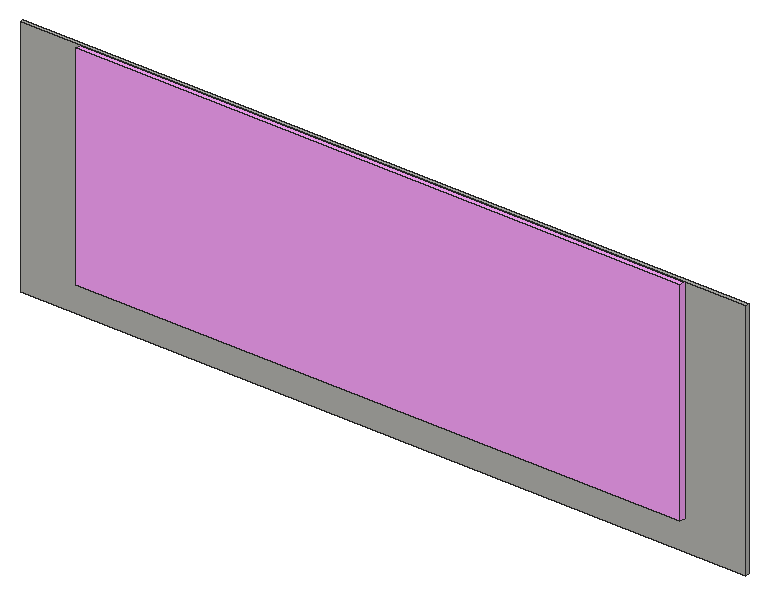
Revit family "Legalett_Akustikelement_I-Element", category Generic Models, Revit 2023
Family settings
  Can host rebar = No
  Round Connector Dimension = Use Diameter
  Part Type = Normal
  Work Plane-Based = No
  Always vertical = Yes
  Cut with Voids When Loaded = No
  Maintain Annotation Orientation = No
  Shared = No
  Room Calculation Point = No
Parameters (values of type "I-400")
  Type Comments = "23005"
  Model = "Akustikelement"
  Manufacturer = "Legalett"
  Hight = 400 mm
  Default Elevation = 0 mm
Types (4, lengths in mm): name | Type Comments | Hight
  (no name) | "23005" | 400
  I-400 | "23005" | 400
  I-450 | "23007" | 450
  I-500 | "23010" | 500
Reference planes
  plane 1 "Center (Front/Back)": y = 0
  plane 2: z = 0
  plane 3 "Center (Left/Right)": x = 0
  plane 4: z = 400
Forms (mm)
  Extrusion 1, solid, material "Fibercement"
    sketch origin (-183.031, 0, -90) x (1, 0, 0) y (0, 0, 1)
      loop
        line (783.031, 90) -> (783.031, 490) -> (-416.969, 490) -> (-416.969, 90) -> (783.031, 90)
    from 0 to 6
  Extrusion 2, solid, material "REC foam"
    sketch origin (-273.993, -6, -212.413) x (1, 0, 0) y (0, 0, 1)
      loop
        line (773.993, 262.413) -> (773.993, 612.413) -> (-226.007, 612.413) -> (-226.007, 262.413) -> (773.993, 262.413)
    from 0 to 10
Dimensions and locks
  "Hight": level to plane 4
  aligned and locked: level to plane 2
  aligned and locked: Extrusion 1 to Extrusion 2
  aligned and locked: plane 4 to Extrusion 2
Automatic sketch dimensions
  level to Extrusion 1 sketch curve = 0 mm
  level to Extrusion 2 sketch curve = 50 mm
  Extrusion 1 sketch curve to plane 4 = 0 mm
  Extrusion 2 sketch curve to plane 4 = 0 mm
  plane 3 "Center (Left/Right)" to Extrusion 1 sketch curve = 600 mm
  plane 3 "Center (Left/Right)" to Extrusion 2 sketch curve = 500 mm
  Extrusion 1 sketch curve to plane 3 "Center (Left/Right)" = 600 mm
  Extrusion 2 sketch curve to plane 3 "Center (Left/Right)" = 500 mm
